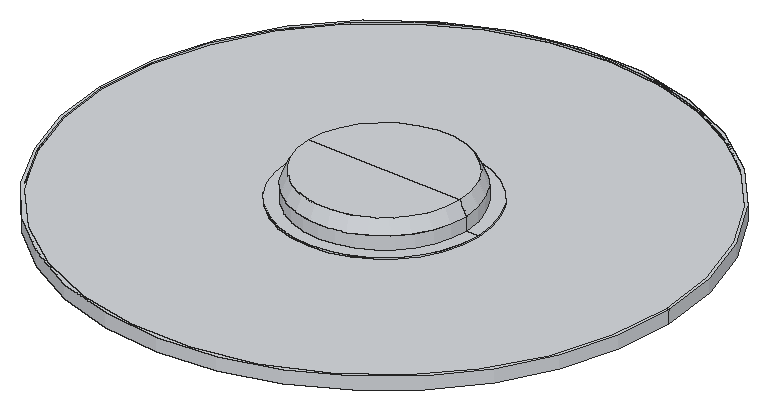
Revit family "EURS_63_LF_FB_BY121 PSU", category Lighting Fixtures, host Face, Revit 2018
Family settings
  Host = Face
  Round Connector Dimension = Use Diameter
  Part Type = Normal
  Cut with Voids When Loaded = No
  Light Source = No
  Shared = Yes
  Room Calculation Point = No
Parameters (values of type "Type catalog")
  Width = 450 mm
  Voltage (V) = 230 V
  Visibility 2D symbol [instance] = yes
  Visibility 2D outline round [instance] = not(Visibility 2D symbol)  # no
  URL = "http://www.lighting.philips.com/main/home"
  Type Comments = "Face Based"
  Product catalog - URL = "https://www.lighting.philips.com/main/prof/indoor-luminaires/high-bay-and-low-bay/high-bay/coreline-highbay-gen4/911401570051_EU/product"
  Order code = ""
  Model = "BY121"
  Manufacturer = "Philips"
  Light source = 2 mm
  Light loss factor = ""
  Length = 450 mm
  Last IES update = "08-03-2021"
  Lamp type = BY121P IES Data : G4 PSU 1 xLED200S_840 NB
  Lamp = "LAMP TYPE"
  Initial luminous flux (lm) = ""
  Init. Corr. Color Temperature (K) = ""
  Height = 95 mm
  Fixture code = ""
  ETIM code URL = ""
  ETIM code = ""
  EOC = ""
  Description = "Coreline Highbay Gen4 BY121 PSU"
  Default Elevation = 0 mm
  Content version = "1.0"
  Content modified date = "08-03-2021"
  Content creation date = "23-01-2019"
  Content Creator = "https://www.cadac.com/bimcontent"
  BIM Library - URL = "http://www.lighting.philips.com/main/support/support/revit-library#page=1"
  Armatuurcode [instance] = ""
  Apparent Load = 0 VA
  12NC = ""
Reference planes
  plane 1 "Center (Front/Back)": y = 0
  plane 2: z = 0
  plane 3 "Center (Left/Right)": x = 0
  plane 4: x = -225
  plane 5: y = -225
  plane 6: y = 225
  plane 7: x = 225
  plane 8: z = 95
  plane 9 "Light source": z = 77
  plane 10: z = 74
Forms (mm)
  Revolve 1, solid
    sketch origin (0, 0, 0) x (1, 0, 0) y (0, 0, 1)
      loop
        line (0, 0) -> (0, 95) -> (-60, 95) -> (-65, 85) -> (-65, 75) -> (-225, 75) -> (-225, 65)
        arc (-225, 65) -> (-145.971, 46.287) -> (-65, 40) r 524.469
        line (-65, 40) -> (-65, 20) -> (-10, 20) -> (-10, 0) -> (0, 0)
      axis (0, 0) -> (0, 95)
    angle from 0 to 360
  Extrusion 2, void
    sketch origin (0, 0, 0) x (1, 0, 0) y (0, 1, 0)
      loop
        circle (0, 0) r 223
      loop
        circle (0, 0) r 75
    from 74 to 75
Cuts and joins
  Extrusion 2 cuts Revolve 1
Dimensions and locks
  equal spacing: host sketch curve, plane 1 "Center (Front/Back)", host sketch curve
  equal spacing: host sketch curve, plane 3 "Center (Left/Right)", host sketch curve
  "Length": plane 4 to plane 7
  equal spacing: plane 4, plane 3 "Center (Left/Right)", plane 7
  equal spacing: plane 5, plane 1 "Center (Front/Back)", plane 6
  "Width": plane 5 to plane 6
  "Height": plane 8 to plane 2
  "Light source": plane 9 "Light source" to Revolve 1
  locked: cut or joined group of Revolve 1, Extrusion 2 to plane 10 at 1
  aligned and locked: plane 2 to host face
  aligned and locked: level to host face
  aligned and locked: cut or joined group of Revolve 1, Extrusion 2 to plane 10
Automatic sketch dimensions
  Revolve 1 sketch curve to plane 4 = 0 mm
  Revolve 1 sketch curve to plane 8 = 0 mm  (x2)
  Revolve 1 sketch curve to level = 0 mm  (x2)
  Revolve 1 sketch curve to plane 3 "Center (Left/Right)" = 0 mm  (x2)
  Revolve 1 sketch curve to plane 3 "Center (Left/Right)" = 65.005 mm
  Revolve 1 sketch curve to plane 8 = 10 mm
  Revolve 1 sketch curve to plane 3 "Center (Left/Right)" = 65 mm
  Revolve 1 sketch curve to Revolve 1 sketch curve = 0 mm
  Revolve 1 sketch curve to Revolve 1 sketch curve = 5 mm
  Revolve 1 sketch curve to Revolve 1 sketch curve = 10 mm  (x2)
  level to Revolve 1 sketch curve = 20 mm
  Revolve 1 sketch curve to Revolve 1 sketch curve = 20 mm
  level to Revolve 1 sketch curve = 65 mm
  Extrusion 2 sketch curve to Extrusion 2 sketch curve = 0 mm  (x2)
  plane 1 "Center (Front/Back)" to Extrusion 2 sketch curve = 0 mm
  Extrusion 2 sketch curve to plane 3 "Center (Left/Right)" = 0 mm
  radius of Extrusion 2 sketch curve = 223 mm
  radius of Extrusion 2 sketch curve = 75 mm
Nested families
  nested 1: "2D-PL-Rond" at (0, 0, 0), visible <- "Visibility 2D outline round", Diameters <- "Length", type "2D symbool"
    with Diameters 450 mm
  nested 2: "2D-PL-Rond + symbool" at (0, 0, 0), visible <- "Visibility 2D symbol", Diameters <- "Length", type "2D symbool"
    with radius 225 mm, Diameters 450 mm
  nested 3: "BY121P IES Data" at (0, 0, 77) x (1, 0, 0) z (0, 0, -1), type <- "Lamp type", type "G4 PSU 1 xLED200S_840 NB"
Connectors
  electrical at (0, 0, 0), driven by "Apparent Load"
    settings: on host face, index 1, voltage 230 V, apparent load 0 VA, apparent load phase1 0 VA, apparent load phase2 0 VA, apparent load phase3 0 VA, power factor 1, load classification "Lighting", number of poles 1, system type 31, power factor state 1, is connector primary yes, connector utility no, sub classification motor no, connector description ""
Definition of nested family "2D-PL-Rond"
  Parameters (values of type "2D symbool")
    Diameters [instance] = 250 mm
    Description = "Armatuur symbool"
    Copyright © Cadac = "www.cadac.com/aec"
    Cadac content versie = ""
    Assembly Code = ""
  Reference planes
    plane 1 "Center (Front/Back)": y = 0
    plane 2: z = 0
    plane 3 "Center (Left/Right)": x = 0
  Lines and regions (mm)
    symbolic lines
      curve 1: circle (0, 0, 0) r 125 normal (0, 0, 1)
  Dimensions and locks
    "Diameters": diameter of curve 1
  Automatic sketch dimensions
    plane 1 "Center (Front/Back)" to curve 1 = 0 mm
    curve 1 to plane 3 "Center (Left/Right)" = 0 mm
Definition of nested family "2D-PL-Rond + symbool"
  Parameters (values of type "2D symbool")
    radius [instance] = Diameters / 2  # 125 mm
    Visibility 2D symbol = yes
    Diameters [instance] = 250 mm
    Description = "Armatuur symbool"
    Copyright © Cadac = "www.cadac.com/aec"
    Cadac content versie = ""
    Assembly Code = ""
  Reference planes
    plane 1 "Center (Front/Back)": y = 0
    plane 2: z = 0
    plane 3 "Center (Left/Right)": x = 0
  Lines and regions (mm)
    symbolic lines
      curve 1: circle (0, 0, 0) r 125 normal (0, 0, 1)
  Dimensions and locks
    "Diameters": diameter of curve 1
  Automatic sketch dimensions
    plane 1 "Center (Front/Back)" to curve 1 = 0 mm
    curve 1 to plane 3 "Center (Left/Right)" = 0 mm
  Nested families
    nested 1: "PL-opbouwarmatuur plafond rond" at (0, 0, 0), radius cirkel <- "radius", visible <- "Visibility 2D symbol", type "PL lichtpunt"
      with radius cirkel 125 mm, lengte symbool 162.5 mm, l1 140 mm, breedte symbool 150 mm, b1 52.5 mm
  Definition of nested family "PL-opbouwarmatuur plafond rond"
    Parameters (values of type "PL lichtpunt")
      radius cirkel [instance] = 200 mm
      lengte symbool [instance] = 162.5 mm
      l1 [instance] = 140 mm
      breedte symbool [instance] = radius cirkel + 25 mm  # 225 mm
      b1 [instance] = 52.5 mm
      Diameters = 74 mm
      Description = "PL lichtpunt"
      Copyright © Cadac = "www.cadac.com/aec"
      Cadac content versie = "4.0"  # constant formula
      Assembly Code = ""
    Reference planes
      plane 1 "Center (Front/Back)": y = 0
      plane 2: z = 0
      plane 3 "Center (Left/Right)": x = 0
      plane 4: y = 112.5
      plane 5: y = -112.5
    Lines and regions (mm)
      symbolic lines
        curve 1: circle (0, 0, 0) r 200 normal (0, 0, 1)
        curve 2: line (-165.359, 112.5, 0) -> (165.359, -112.5, 0)
        curve 3: line (-165.359, -112.5, 0) -> (165.359, 112.5, 0)
    Dimensions and locks
      equal spacing: plane 4, plane 1 "Center (Front/Back)", plane 5
      "breedte symbool": plane 4 to plane 5
      "radius cirkel": radius of curve 1
      aligned and locked: plane 4 to curve 2
      aligned and locked: plane 4 to curve 3
      aligned and locked: plane 5 to curve 3
      aligned and locked: plane 5 to curve 2
    Automatic sketch dimensions
      plane 1 "Center (Front/Back)" to curve 1 = 0 mm
      curve 1 to plane 3 "Center (Left/Right)" = 0 mm
Definition of nested family "BY121P IES Data"
  Parameters (values of type "G4 PSU 1 xLED200S_865 WB")
    Wattage = 138 W
    built-in parameter 1150110 = 1 (stored number, unit not read)
    built-in parameter 1114217 = 1 (stored number, unit not read)
    Tilt Angle = 90.00°
    built-in parameter 1150109 = 1 (stored number, unit not read)
    built-in parameter 1150134 = 1
    built-in parameter 1150113 = 1 (stored number, unit not read)
    Photometric Web File = "BY121P G4 PSU 1 xLED200S_865 WB.ies"
    Model = "BY121P"
    Manufacturer = "Philips"
    built-in parameter 1150105 = 1591.5 (stored number, unit not read)
    Lumens = 20000 lm
    built-in parameter 1150115 = 1 (stored number, unit not read)
    built-in parameter 1150137 = (empty or 0)
    built-in parameter 1150139 = (empty or 0)
    built-in parameter 1150112 = 1 (stored number, unit not read)
    built-in parameter 1150114 = 1 (stored number, unit not read)
    Lamp = "LED200S/865"
    built-in parameter 1150132 = (empty or 0)
    built-in parameter 1150102 = (empty or 0)
    built-in parameter 1150107 = 6500 (stored number, unit not read)
    built-in parameter 1150138 = (empty or 0)
    built-in parameter 1150106 = 15.915 (stored number, unit not read)
    Emit from Circle Diameter = 441 mm
    Emit Shape Visible in Rendering = yes
    built-in parameter 1150104 = 13.464 (stored number, unit not read)
    Dimming Lamp Color Temperature Shift = (empty or 0)
    Description = ""
    Default Elevation = 0 mm
    Content Creator = "https://www.cadac.com/bimcontent"
    Color Filter = 16777215
    built-in parameter 1114218 = 1 (stored number, unit not read)
    built-in parameter 1150133 = 10 (stored number, unit not read)
    Apparent Load = 138 VA
  Types (4, lengths in mm): name | built-in parameter 1150134 | Photometric Web File | Lamp | built-in parameter 1150107
    G4 PSU 1 xLED200S_865 WB | 1 | "BY121P G4 PSU 1 xLED200S_865 WB.ies" | "LED200S/865" | 6500 (stored number, unit not read)
    G4 PSU 1 xLED200S_865 NB | 1 | "BY121P G4 PSU 1 xLED200S_865 NB.ies" | "LED200S/865" | 6500 (stored number, unit not read)
    G4 PSU 1 xLED200S_840 WB | 12 | "BY121P G4 PSU 1 xLED200S_840 WB.ies" | "LED200S/840" | 4000 (stored number, unit not read)
    G4 PSU 1 xLED200S_840 NB | 12 | "BY121P G4 PSU 1 xLED200S_840 NB.ies" | "LED200S/840" | 4000 (stored number, unit not read)
  Reference planes
    plane 1 "Center (Front/Back)": y = 0
    plane 2: z = 0
    plane 3 "Center (Left/Right)": x = 0
  Forms (mm)
    Extrusion 1, solid
      sketch origin (0, 0, 0) x (1, 0, 0) y (0, 1, 0)
        loop
          line (-1219.2, 1219.2) -> (-1219.2, -1219.2) -> (1219.2, -1219.2) -> (1219.2, 1219.2) -> (-1219.2, 1219.2)
      from 0 to 123.942
  Dimensions and locks
    aligned and locked: plane 2 to Extrusion 1
    aligned and locked: level to Extrusion 1
